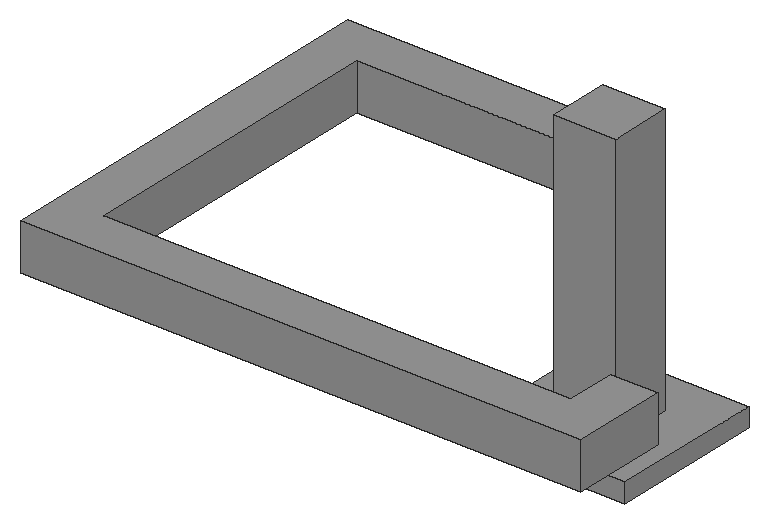
Revit family "BRONZE Portarrollo EY2011013", category Generic Models, host Face, Revit 2014
Parameters
  largo = 145 mm
  alto = 120 mm
  MODELO = "BRONZE"
  MARCA = "WASSER"
  EMPRESA = "CHC COMERCIAL HISPANO CHILENA"
  Default Elevation = 1219.2 mm
  DIMENSIONES = ""
  CÓDIGO = "EY2011013"
  ACCESORIO = "PORTA ROLLO"
Reference planes
  plane 1 "Center (Front/Back)": y = 0
  plane 2: z = 0
  plane 3 "Center (Left/Right)": x = 0
  plane 4: y = 60
  plane 5: y = -60
  plane 6: x = -72.5
  plane 7: x = 72.5
  plane 8: x = 20
  plane 9: x = -20
  plane 10: y = 20
  plane 11: y = 48
  plane 12: x = 8
  plane 13: x = -8
  plane 14: y = 32
  plane 15: z = 75
  plane 16: y = -54
  plane 17: x = -66.5
Forms (mm)
  Extrusion 1, solid, material "Steel, Polished"
    sketch origin (0, 0, 0) x (1, 0, 0) y (0, 1, 0)
      loop
        line (-20, 60) -> (-20, 20) -> (20, 20) -> (20, 60) -> (-20, 60)
    from 0 to 5
  Extrusion 2, solid, material "Steel, Polished"
    sketch origin (0, 0, 0) x (1, 0, 0) y (0, 1, 0)
      loop
        line (-8, 48) -> (-8, 32) -> (8, 32) -> (8, 48) -> (-8, 48)
    from 5 to 75
  Sweep 3, solid, material "Steel, Polished"
    path origin (0, 0, 0) x (1, 0, 0) y (0, 1, 0)
      loop
        line (0, 40) -> (-66.5, 40) -> (-66.5, -54) -> (66.5, -54) -> (66.5, -35)
    profile origin (-33.25, 40, 0) x (0, -1, 0) y (0, 0, 1)
      loop
        line (0, 68.287) -> (-6, 68.287) -> (-6, 56.287) -> (6, 56.287) -> (6, 68.287) -> (0, 68.287)
Dimensions and locks
  equal spacing: plane 6, plane 3 "Center (Left/Right)", plane 7
  equal spacing: plane 4, plane 1 "Center (Front/Back)", plane 5
  "largo": plane 6 to plane 7
  "alto": plane 4 to plane 5
  aligned and locked: plane 2 to host face
  aligned and locked: level to host face
  aligned and locked: Extrusion 1 sketch curve to plane 4
  aligned and locked: plane 9 to Extrusion 1 sketch curve
  aligned and locked: plane 10 to Extrusion 1 sketch curve
  aligned and locked: Extrusion 1 sketch curve to plane 8
Automatic sketch dimensions
  host sketch curve to host sketch curve = 2438.4 mm  (x2)
  Extrusion 2 sketch curve to plane 13 = 0 mm
  Extrusion 2 sketch curve to plane 11 = 0 mm
  Extrusion 2 sketch curve to plane 12 = 0 mm
  Extrusion 2 sketch curve to plane 14 = 0 mm
  Sweep 3 sketch curve to plane 17 = 0 mm
  plane 16 to Sweep 3 sketch curve = 0 mm
  Sweep 3 sketch curve to plane 11 = 8 mm
  Sweep 3 sketch curve to plane 7 = 6 mm
  Sweep 3 sketch curve to Sweep 3 sketch curve = 19 mm
  Sweep 3 sketch curve to plane 3 "Center (Left/Right)" = 0 mm
  Sweep 3 sketch curve to profile plane = 0 mm
  profile plane to Sweep 3 sketch curve = 6 mm
  Sweep 3 sketch curve to profile plane = 6 mm
  level to Sweep 3 sketch curve = 56.287 mm
  level to Sweep 3 sketch curve = 68.287 mm
